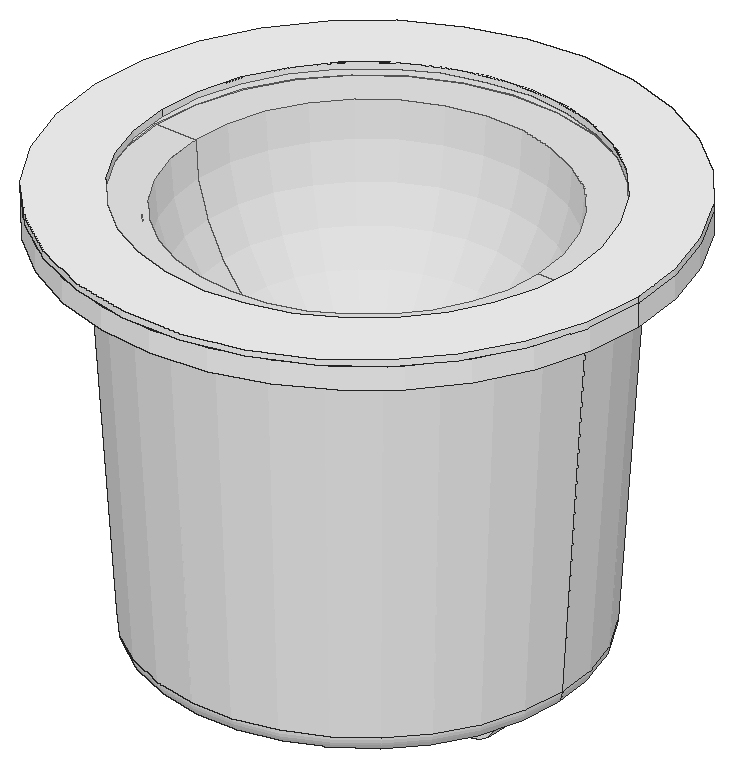
Revit family "2058869 Feilo Sylvania Lighting Fixture MYRD IP FL 2-7K DALI WHT WBEZ", category Lighting Fixtures, host Face, Revit 2017
Family settings
  Host = Face
  Round Connector Dimension = Use Diameter
  Part Type = Normal
  OmniClass Number = 23.80.70.11.17
  OmniClass Title = Specialized Lighting by Location or Use
  Cut with Voids When Loaded = No
  Light Source = Yes
  Shared = No
  Room Calculation Point = No
Parameters
  Weight = "0.44 kg"
  Wattage = 15 W
  WarrantyStartDate [instance] = "n/a"
  WarrantyGuarantorParts = "n/a"
  WarrantyDurationUnit = "n/a"
  WarrantyDurationParts = "n/a"
  WarrantyDescription = "n/a"
  built-in parameter 1150110 = 1 (stored number, unit not read)
  Voltage = 230 V
  URL = "http://www.sylvania-lighting.com"
  TypeName = "MYRD IP FL 2.7K DALI WHT WBEZ"
  Type Image = 0
  Type Comments = ""
  built-in parameter 1114217 = 1 (stored number, unit not read)
  Tilt Angle = -90°
  built-in parameter 1150109 = 1 (stored number, unit not read)
  built-in parameter 1150134 = (empty or 0)
  built-in parameter 1150113 = 1 (stored number, unit not read)
  SerialNumber [instance] = "n/a"
  Reflector Radius = Cutout Diameter / 2 - 2.5 mm  # 35.0 mm
  Reflector Material = Aluminum_Sylvania_Myriad_Bright
  Recessed Depth = Height  # 72.0 mm
  PowerFactor = 0
  PowerConsumption = "15 W"
  Photometric Web File = ""
  NominalWidth = 0.0 mm
  NominalLength = 76.0 mm
  NominalHeight = 72.0 mm
  Name = "MYRD IP FL 2.7K DALI WHT WBEZ"
  ModelReference = "MYRD IP FL 2.7K DALI WHT WBEZ"
  ModelNumber = "2058869"
  Material = "Aluminium"
  ManufacturerName = "Feilo Sylvania"
  LuminousEfficacy = "57 lm/W"
  LuminaireType = "Ceiling recessed"
  LightOutputRatio = "1"
  LampsType = Lamp  # "LED"
  LampNominalLuminous = "889 lm"
  LampMacAdamStep = "n/a"
  LampColourTemperature = "2700 K"
  LampColourRenderingIndex = "n/a"
  Keynote = "16500"
  Keynote_2 = "16500"
  InstallationDate [instance] = "n/a"
  InputVoltage = "230-240V~"
  InputNominalFrequency = "50/60 Hz"
  IngressProtection = "IP65"
  ImpactProtectionIndex = "IK02"
  IfcExportType = "IfcLightFixtureType"
  IfcExportAs = "IfcLightFixtureType"
  Height = 72.0 mm  # constant formula
  ExpectedLife = 50000
  Emit from Circle Diameter = Accessory Inner Diameter 2  # 68.0 mm
  Emit Shape Visible in Rendering = no
  ElectricShockClassification = "Class II"
  DurationUnit = "hours"
  DocumentationLiterature = "http://www.sylvania-lighting.com/product/en-int/products/2058869"
  DimmingControlOptions = "Dimmable"
  Diffuser Material = Glass_Sylvania_Myriad_Clear_4000K
  Diffuser Diameter = Cutout Diameter  # 75.0 mm
  Cutout Diameter = 75.0 mm  # constant formula
  CreatedOn = "03-11-2017"
  CreatedBy = ""
  Cost = 0
  built-in parameter 1114216 [instance] = 1 (stored number, unit not read)
  built-in parameter 1150142 = (empty or 0)
  Model = "MYRD IP FL 2.7K DALI WHT WBEZ"
  Manufacturer = "Feilo Sylvania"  # constant formula
  built-in parameter 1150105 = 68.039 (stored number, unit not read)
  Lumens = 855 lm
  built-in parameter 1150115 = 1 (stored number, unit not read)
  built-in parameter 1150137 = (empty or 0)
  built-in parameter 1150139 = (empty or 0)
  built-in parameter 1150112 = 1 (stored number, unit not read)
  built-in parameter 1150114 = 1 (stored number, unit not read)
  Lamp = "LED"
  built-in parameter 1150132 = (empty or 0)
  built-in parameter 1150102 = (empty or 0)
  built-in parameter 1150107 = 2700 (stored number, unit not read)
  built-in parameter 1150138 = (empty or 0)
  built-in parameter 1150106 = 0.68039 (stored number, unit not read)
  built-in parameter 1150104 = 5.2955 (stored number, unit not read)
  Dimming Lamp Color Temperature Shift = (empty or 0)
  Description = "Supplied complete with electronic control gear Compact Fluorescent low energy downlight Emergency version passes through the cut out Ideal for low level orientation lighting New range of Architectural accessories each providing a different lit dimension New completely flush plaster up accessory ring for clean ceiling lines and smooth finish Order lamp separately"  # constant formula
  Default Elevation = 0.0 mm
  Color Filter = 16777215
  built-in parameter 1140040 [instance] = 1
  Body Radius = Reflector Radius + 1.5 mm  # 36.5 mm
  Body Material = Aluminum_Sylvania_Myriad_Gray
  BarCode [instance] = "n/a"
  built-in parameter 1114218 = 1 (stored number, unit not read)
  built-in parameter 1150133 = 10 (stored number, unit not read)
  AssetType = "Fixed"
  AssetIdentifier [instance] = "n/a"
  Assembly Code = "D5020200"
  Apparent Load = 15 VA
  Accessory Material = Aluminum_Sylvania_Myriad_White
  Accessory Inner Diameter 2 = Accessory Diameter - 22.0 mm  # 68.0 mm
  Accessory Inner Diameter 1 = Accessory Diameter - 2.0 mm  # 88.0 mm
  Accessory Diameter = Cutout Diameter + 15.0 mm  # 90.0 mm
Reference planes
  plane 1 "Center (Front/Back)": y = 0
  plane 2: z = 0
  plane 3 "Center (Left/Right)": x = 0
  plane 4: z = 2
  plane 5 "Fixture Bottom": z = 4.5
  plane 6: z = -28.5
  plane 7: z = -61.5
  plane 8 "Fixture Top": z = -67.5
  plane 9: z = 3.5
Forms (mm)
  Revolve 1, solid, material "Aluminum_Sylvania_Myriad_Bright" <- "Reflector Material", detail levels fine
    sketch origin (0, 0, 0) x (1, 0, 0) y (0, 0, 1)
      loop
        line (0, -27.515) -> (-6, -27.515)
        arc (-6, -27.515) -> (-22.333, -16.632) -> (-28.5, 2) r 30.135
        line (-28.5, 2) -> (-35, 2) -> (-35, 0) -> (-29.184, 0)
        arc (-29.184, 0) -> (-22.423, -18.18) -> (-6, -28.5) r 30.204
        line (-6, -28.5) -> (0, -28.5) -> (0, -27.515)
      axis (0, -28.5) -> (0, 2)
    angle from 0 to 360
  Revolve 2, solid, material "Aluminum_Sylvania_Myriad_Gray" <- "Body Material", detail levels fine
    sketch origin (0, 0, 0) x (1, 0, 0) y (0, 0, 1)
      loop
        line (-44, 2) -> (-44, 0) -> (-36.5, 0) -> (-32.42, -58.708)
        arc (-32.42, -58.708) -> (-31.474, -60.694) -> (-29.428, -61.5) r 3
        line (-29.428, -61.5) -> (0, -61.5) -> (0, -28.5) -> (-6, -28.5)
        arc (-6, -28.5) -> (-22.423, -18.18) -> (-29.184, 0) r 30.204
        line (-29.184, 0) -> (-35, 0) -> (-35, 2) -> (-44, 2)
      axis (0, 2) -> (0, -61.5)
    angle from 0 to 360
  Extrusion 3, solid, material "Aluminum_Sylvania_Myriad_Gray" <- "Body Material", detail levels fine
    sketch origin (0, 0, 0) x (1, 0, 0) y (0, 0, 1)
      loop
        line (-13.5, -67.5) -> (21, -67.5)
        arc (21, -67.5) -> (23.828, -66.328) -> (25, -63.5) r 4
        line (25, -63.5) -> (25, -61.5) -> (-17.5, -61.5) -> (-17.5, -63.5)
        arc (-17.5, -63.5) -> (-16.328, -66.328) -> (-13.5, -67.5) r 4
    from -4.5 to 4.5
  Extrusion 4, solid, material "Aluminum_Sylvania_Myriad_White" <- "Accessory Material", detail levels fine
    sketch origin (0, 0, 0) x (1, 0, 0) y (0, 1, 0)
      loop
        circle (0, 0) r 45
      loop
        circle (0, 0) r 44
    from 0 to 3.5
  Extrusion 5, solid, material "Aluminum_Sylvania_Myriad_White" <- "Accessory Material", detail levels fine
    sketch origin (0, 0, 0) x (1, 0, 0) y (0, 1, 0)
      loop
        circle (0, 0) r 45
      loop
        circle (0, 0) r 34
    from 3.5 to 4.5
  Extrusion 6, solid, material "Aluminum_Sylvania_Myriad_White" <- "Accessory Material", detail levels coarse+medium
    sketch origin (0, 0, 0) x (1, 0, 0) y (0, 1, 0)
      loop
        circle (0, 0) r 45
    from 0 to 4.5
  Revolve 7, solid, detail levels coarse+medium
    sketch origin (0, 0, 0) x (1, 0, 0) y (0, 0, 1)
      loop
        line (36.5, 0) -> (0, 0) -> (0, -61.5) -> (32.226, -61.5) -> (36.5, 0)
      axis (0, 0) -> (0, -61.5)
    angle from 0 to 360
  Extrusion 8, void
    sketch origin (0, 0, 0) x (1, 0, 0) y (0, 1, 0)
      loop
        circle (0, 0) r 37.5
    from -67.5 to 0
  Extrusion 9, solid, material "Glass_Sylvania_Myriad_Clear_4000K" <- "Diffuser Material", detail levels fine
    sketch origin (0, 0, 0) x (1, 0, 0) y (0, 1, 0)
      loop
        circle (0, 0) r 37.5
    from 2 to 3.5
Cuts and joins
  joined: Extrusion 4, Extrusion 5
Lines and regions (mm)
  Masking region 1
    outline origin (0, 0, 0) x (1, 0, 0) y (0, 1, 0)
      loop
        circle (0, 0) r 45
  symbolic lines
    curve 1: arc (-34, 0, 0) -> (0, 34, 0) -> (34, 0, 0) r 34
    curve 2: arc (34, 0, 0) -> (0, -34, 0) -> (-34, 0, 0) r 34
Dimensions and locks
  locked: plane 7 to plane 8 "Fixture Top" at 6
  "Body Radius": Revolve 7 sketch curve to plane 3 "Center (Left/Right)"
  locked: Revolve 7 sketch curve to Revolve 7 sketch curve at 4.274
  plane 5 "Fixture Bottom" to plane 9 to plane 4 to plane 2 to plane 6 = 1.0 mm locked, 1.5 mm locked, 2.0 mm locked, 28.5 mm locked
  "Reflector Radius": Revolve 1 sketch curve to plane 3 "Center (Left/Right)"
  Revolve 1 sketch curve to Revolve 1 sketch curve to Revolve 1 sketch curve to Revolve 1 sketch curve = 6.5 mm locked, 22.5 mm locked, 0.0 mm locked
  "Reflector Radius": plane 3 "Center (Left/Right)" to Revolve 2 sketch curve
  Revolve 2 sketch curve to Revolve 2 sketch curve to Revolve 2 sketch curve = 7.5 mm locked, 1.5 mm locked
  Revolve 2 sketch curve to Revolve 2 sketch curve to Revolve 2 sketch curve = 5.816 mm locked, 23.184 mm locked
  Revolve 2 sketch curve to Revolve 2 sketch curve to Revolve 2 sketch curve = 2.58 mm locked, 2.993 mm locked
  "Accessory Diameter": diameter of Extrusion 4 sketch curve
  "Accessory Inner Diameter 1": diameter of Extrusion 4 sketch curve
  "Accessory Diameter": diameter of Extrusion 5 sketch curve
  "Accessory Diameter": diameter of Extrusion 6 sketch curve
  "Cutout Diameter": diameter of Extrusion 8 sketch curve
  "Accessory Inner Diameter 2": diameter of Extrusion 5 sketch curve
  "Diffuser Diameter": diameter of Extrusion 9 sketch curve
  aligned and locked: plane 2 to host face
  aligned and locked: level to host face
  aligned and locked: plane 1 "Center (Front/Back)" to imposter light
  aligned and locked: plane 3 "Center (Left/Right)" to imposter light
  aligned and locked: Revolve 1 sketch curve to imposter light
  aligned and locked: Extrusion 3 sketch curve to plane 8 "Fixture Top"
  aligned and locked: plane 7 to Extrusion 3 sketch curve
  aligned and locked: Extrusion 4 to plane 2
  aligned and locked: plane 9 to Extrusion 4
  aligned and locked: Extrusion 5 to plane 9
  aligned and locked: plane 5 "Fixture Bottom" to Extrusion 5
  aligned and locked: Extrusion 6 to plane 2
  aligned and locked: plane 5 "Fixture Bottom" to Extrusion 6
  aligned and locked: Extrusion 8 to plane 8 "Fixture Top"
  aligned and locked: plane 2 to Extrusion 8
  aligned and locked: Masking region 1 sketch curve to Extrusion 6  (x2)
  aligned and locked: Extrusion 9 to plane 4
  aligned and locked: plane 9 to Extrusion 9
  aligned and locked: plane 4 to Revolve 2 sketch curve
  aligned and locked: Revolve 2 sketch curve to plane 2
  aligned and locked: curve 1 to cut or joined group of Extrusion 4, Extrusion 5
  aligned and locked: curve 2 to cut or joined group of Extrusion 4, Extrusion 5
  aligned and locked: imposter light to plane 5 "Fixture Bottom"
Automatic sketch dimensions
  host sketch curve to host sketch curve = 1305.563 mm
  host sketch curve to host sketch curve = 1283.632 mm
  Extrusion 3 sketch curve to plane 7 = 2.0 mm
  Extrusion 3 sketch curve to plane 3 "Center (Left/Right)" = 13.5 mm
  plane 3 "Center (Left/Right)" to Extrusion 3 sketch curve = 21.0 mm
  Extrusion 3 sketch curve to Extrusion 3 sketch curve = 4.0 mm
  Revolve 1 sketch curve to level = 0.0 mm
  Revolve 1 sketch curve to plane 3 "Center (Left/Right)" = 0.0 mm
  Revolve 1 sketch curve to plane 6 = 0.0 mm
  Revolve 1 sketch curve to plane 4 = 0.0 mm
  Revolve 1 sketch curve to Revolve 1 sketch curve = 0.684 mm
  level to Revolve 1 sketch curve = 0.88 mm
  Revolve 1 sketch curve to plane 4 = 0.363 mm
  Revolve 1 sketch curve to Revolve 1 sketch curve = 0.625 mm
  Revolve 1 sketch curve to plane 8 "Fixture Top" = 232.8 mm
  plane 5 "Fixture Bottom" to Revolve 1 sketch curve = 291.243 mm
  Revolve 2 sketch curve to plane 3 "Center (Left/Right)" = 0.0 mm  (x2)
  Revolve 2 sketch curve to plane 7 = 0.0 mm
  Revolve 2 sketch curve to plane 6 = 0.0 mm
  Revolve 2 sketch curve to level = 0.0 mm
  level to Revolve 2 sketch curve = 0.88 mm
  plane 7 to Revolve 2 sketch curve = 2.792 mm
  Revolve 2 sketch curve to plane 8 "Fixture Top" = 304.774 mm
  plane 5 "Fixture Bottom" to Revolve 2 sketch curve = 1137.105 mm
  Extrusion 4 sketch curve to Extrusion 4 sketch curve = 0.0 mm  (x2)
  plane 1 "Center (Front/Back)" to Extrusion 4 sketch curve = 0.0 mm
  Extrusion 4 sketch curve to plane 3 "Center (Left/Right)" = 0.0 mm
  Extrusion 5 sketch curve to Extrusion 5 sketch curve = 0.0 mm  (x2)
  plane 1 "Center (Front/Back)" to Extrusion 5 sketch curve = 0.0 mm
  Extrusion 5 sketch curve to plane 3 "Center (Left/Right)" = 0.0 mm
  plane 1 "Center (Front/Back)" to Extrusion 6 sketch curve = 0.0 mm
  Extrusion 6 sketch curve to plane 3 "Center (Left/Right)" = 0.0 mm
  Revolve 7 sketch curve to level = 0.0 mm
  Revolve 7 sketch curve to plane 3 "Center (Left/Right)" = 0.0 mm  (x2)
  Revolve 7 sketch curve to plane 7 = 0.0 mm
  Revolve 7 sketch curve to plane 8 "Fixture Top" = 304.774 mm
  plane 5 "Fixture Bottom" to Revolve 7 sketch curve = 43.226 mm
  plane 1 "Center (Front/Back)" to Extrusion 8 sketch curve = 0.0 mm
  Extrusion 8 sketch curve to plane 3 "Center (Left/Right)" = 0.0 mm
  plane 1 "Center (Front/Back)" to Extrusion 9 sketch curve = 0.0 mm
  Extrusion 9 sketch curve to plane 3 "Center (Left/Right)" = 0.0 mm
Connectors
  electrical at (-0.006, -0.019, -67.5), driven by "Apparent Load", driven by "Apparent Load"
    settings: on plane 8 "Fixture Top", index 1, voltage 230 V, apparent load 15 VA, apparent load phase1 15 VA, apparent load phase2 0 VA, apparent load phase3 0 VA, power factor 1, load classification "Lighting", number of poles 1, system type 30, power factor state 1, is connector primary yes, connector utility no, sub classification motor no, connector description ""
